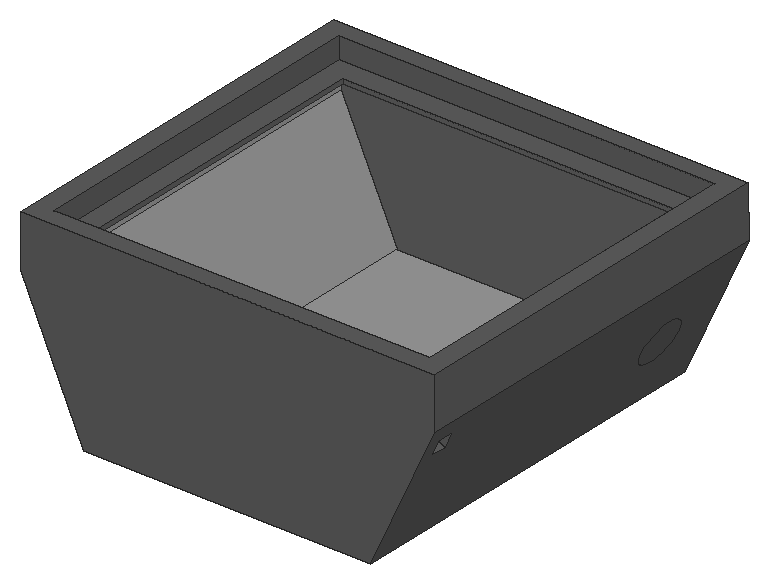
Revit family "HVAC_Fireplaces_Regency-Fireplace_Grandview-gas-fireplace_G800EC", category Specialty Equipment, host Face, Revit 2026
Family settings
  Host = Face
  Round Connector Dimension = Use Diameter
  Part Type = Normal
  Classification Number = 23.40.20.34.14
  Enable Cutting in Views = No
  Cut with Voids When Loaded = No
  Maintain Annotation Orientation = No
  Shared = No
  Room Calculation Point = No
Parameters (values of type "G800EC-LP")
  Width = 36"  # constant formula
  Voltage = 120 V
  Visible connector [instance] = 1 = 0  # no
  Version = 0
  Ventilation flow = 100.0 CFM  # constant formula
  URL = "https://www.regency-fire.com/en/default.aspx"
  Trim [instance] = [Nom Outside Finish w-Finishing Trim - Cool wall Installation]  # no
  Rear Vent [instance] = no
  Product data url = "https://www.bimobject.com/regency-fireplace-products/product/g800ec-gas-fireplace"
  Product Page URL = "https://www.regency-fire.com/en/Products/Gas/Traditional-Gas-Fireplaces/G800EC"
  Product Documentation Link = "https://assets.regency-fire.com/getattachment/a1508370-155b-498d-9b31-6fe43e8f6947/G800EC-English-Manual.aspx"
  Power Factor = 1
  Power Consumption = 0 W
  Pipe Diameter = 0.5"  # constant formula
  Outside finish [instance] = [Nom Outside Finish w-Finishing Trim - Cool wall Installation]  # no
  Outside Finish w-Finishing Trim - Cool wall Installation = Outside Finish w-Finishing Trim - Cool wall Installation : Outside Finish w-Finishing Trim - Cool wall Installation
  Outside Finish w-Faceplate - Non-Combustible Installation = Outside Finish w-Faceplate - Non-Combustible Installation : Outside Finish w-Faceplate - Non-Combustible Installation
  Orifce Size -Altitude 0-4500 ft = "# 53 DMS"
  Options of the finishes [instance] = Clean Front - Cool wall Installation : Clean Front - Cool wall Installation
  Option 3 [instance] = and(and(or([Nom Clean Front - Cool wall Installation], [Nom Outside Finish w-Finishing Trim - Cool wall Installation]), Frame cool wall), Nom Option = 3)  # no
  Option 2 [instance] = and(and(or([Nom Clean Front - Cool wall Installation], [Nom Outside Finish w-Finishing Trim - Cool wall Installation]), Frame cool wall), Nom Option = 2)  # no
  Option 1 [instance] = and(and(or([Nom Clean Front - Cool wall Installation], [Nom Outside Finish w-Finishing Trim - Cool wall Installation]), Frame cool wall), Nom Option = 1)  # no
  Offset fareplace [instance] = if(or([Nom Clean Front - Cool wall Installation], [Nom Clean Front - Non-Combustible Installation]), 1.25984", 0")  # 1.25984"
  Number of Poles = 1
  Not rear vent [instance] = not(Rear Vent)  # yes
  Nom Outside Finish w-Finishing Trim - Cool wall Installation [instance] = Options of the finishes = [Outside Finish w-Finishing Trim - Cool wall Installation]  # no
  Nom Outside Finish w-Faceplate - Non-Combustible Installation [instance] = Options of the finishes = [Outside Finish w-Faceplate - Non-Combustible Installation]  # no
  Nom Option [instance] = if(or([Installation options (ventilation openings)] < 1, [Installation options (ventilation openings)] = 1), 1, if(and([Installation options (ventilation openings)] > 1, [Installation options (ventilation openings)] < 3), [Installation options (ventilation openings)], if(or([Installation options (ventilation openings)] > 3, [Installation options (ventilation openings)] = 3), 3, 0)))  # 1
  Nom Clean Front - Non-Combustible Installation [instance] = Options of the finishes = [Clean Front - Non-Combustible Installation]  # no
  Nom Clean Front - Cool wall Installation [instance] = Options of the finishes = [Clean Front - Cool wall Installation]  # yes
  Nom Chase enclosure height [instance] = if(or(Chase enclosure height < 80", Chase enclosure height = 80"), 80", Chase enclosure height)  # 80"
  Model = "G800EC-LP"
  Minimum Supply Pressure = "11” W.C. (2.74 kPa)"
  Minimum Input Altitude 0-4500 ft. (0-1372m) = "21,000 Btu/h (6.15 kW)"
  Maximum Supply Pressure = "14” W.C. (3.48 kPa)"
  Maximum Input Altitude 0-4500 ft. (0-1372m) = "25,500 Btu/h (7.47 kW)"
  Manufacturer = "Regency Fireplace"  # constant formula
  Mantel leg clearance outside finish non cool wall [instance] = and(Mantel leg clearance, [Nom Outside Finish w-Faceplate - Non-Combustible Installation])  # no
  Mantel leg clearance cool wall [instance] = and(Mantel leg clearance, or([Nom Clean Front - Cool wall Installation], [Nom Outside Finish w-Finishing Trim - Cool wall Installation]))  # no
  Mantel leg clearance clean front non cool wall [instance] = and(Mantel leg clearance, [Nom Clean Front - Non-Combustible Installation])  # no
  Mantel leg clearance [instance] = no
  Mantel clearance outside finish non cool wall [instance] = and(Mantel clearance, [Nom Outside Finish w-Faceplate - Non-Combustible Installation])  # no
  Mantel clearance cool wall [instance] = and(Mantel clearance, or([Nom Clean Front - Cool wall Installation], [Nom Outside Finish w-Finishing Trim - Cool wall Installation]))  # no
  Mantel clearance clean front non cool wall [instance] = and(Mantel clearance, [Nom Clean Front - Non-Combustible Installation])  # no
  Mantel clearance [instance] = no
  Manifold Pressure - Low = "6.4” W.C. (1.60 kPa)"
  Manifold Pressure - High = "10” W.C. (2.49 kPa)"
  Intalllation options note [instance] = if([Installation options (ventilation openings)] = 1, "Option 1- Regency Chase Vent", if([Installation options (ventilation openings)] = 2, "Option 2 - Custom Chase Vent", if([Installation options (ventilation openings)] = 3, "Option 3 - Reveal at the Chase Top", "Enter value 1 to 3")))  # "Option 1- Regency Chase Vent"
  Installation options (ventilation openings) [instance] = 1
  Inner Panel Material [instance] = Regency Fireplace - Brick - Rustic Brown Herringbone
  IC W [instance] = if([Nom Clean Front - Cool wall Installation], 36.5", 37.5")  # 36.5"
  Housing Material = Regency Fireplace - Metal - Black
  Height = 34"  # constant formula
  Heat Wave Installation Note [instance] = "Only required in circumstances where the goal is to transfer some heat from the fireplace to an alternate interior room, please contact the manufacturer for details."  # constant formula
  Heat Wave Installation [instance] = yes
  Gas flow = 0.0 L/s
  Gas Connector Description = "Propane gas supply"
  Fuel Type = "Propane"
  Frequency = 60 Hz
  Installation clearance note [instance] = "Frame work only with cool wall installation"  # constant formula
  Frame cool wall [instance] = and(Installation clearance, or([Nom Clean Front - Cool wall Installation], [Nom Outside Finish w-Finishing Trim - Cool wall Installation]))  # no
  Installation clearance [instance] = no
  Firebed Material [instance] = Regency Fireplace - Wood - Birch Log Set Firebed
  Faceplate Material [instance] = Regency Fireplace - Metal - Four Sided Antique Copper
  Faceplate [instance] = [Nom Outside Finish w-Faceplate - Non-Combustible Installation]  # no
  Duct Diameter = 6.63"  # constant formula
  Duct Connector Description = "4” Inner / 6-5/8” Outer"  # constant formula
  Description = "Choose stunning flame picture, choose your accessories, and create a one-of-a-kind fireplace. The Regency Grandview G800EC is the first of our Grandview series of gas fireplaces that are designed to maximize choice and customization."  # constant formula
  Depth = 17"  # constant formula
  Default Elevation = 0"
  Date Updated = ""
  Date Created = ""
  Current = 1.5 A
  Connector [instance] = if(Heat Wave Installation, 3, 2)  # 3
  Clearance to Combustibles [instance] = no
  Chase enclosure height [instance] = 80"
  Clean front [instance] = or([Nom Clean Front - Cool wall Installation], [Nom Clean Front - Non-Combustible Installation], [Nom Outside Finish w-Faceplate - Non-Combustible Installation], [Nom Outside Finish w-Finishing Trim - Cool wall Installation])  # yes
  Clean Front - Non-Combustible Installation = Clean Front - Non-Combustible Installation : Clean Front - Non-Combustible Installation
  Clean Front - Cool wall Installation = Clean Front - Cool wall Installation : Clean Front - Cool wall Installation
  CSA P.4.1 = "57.74%"
  B [instance] = if(Rear Vent, 180.00°, 0.00°)  # 0.00°
  Apparent Load = Power Consumption / Power Factor  # 0 VA
  A [instance] = if(Rear Vent, 90.00°, 0.00°)  # 0.00°
Types (3): name | Orifce Size -Altitude 0-4500 ft | Model | Minimum Supply Pressure | Minimum Input Altitude 0-4500 ft. (0-1372m) | Maximum Input Altitude 0-4500 ft. (0-1372m) | Manifold Pressure - Low | Manifold Pressure - High | Gas Connector Description | Fuel Type | CSA P.4.1
  (no name) | "# 53 DMS" | "G800EC-LP" | "11” W.C. (2.74 kPa)" | "21,000 Btu/h (6.15 kW)" | "25,500 Btu/h (7.47 kW)" | "6.4” W.C. (1.60 kPa)" | "10” W.C. (2.49 kPa)" | "Propane gas supply" | "Propane" | "57.74%"
  G800EC-NG | "# 42 DMS" | "G800EC-NG" | "5” W.C. (1.25 kPa)" | "15,000 Btu/h (4.4kW)" | "27,000 Btu/h (7.91 kW)" | "1.1” W.C. (0.27 kPa)" | "3.8” W.C. (0.94 kPa)" | "Natural gas supply" | "Natural Gas" | "55.96%"
  G800EC-LP | "# 53 DMS" | "G800EC-LP" | "11” W.C. (2.74 kPa)" | "21,000 Btu/h (6.15 kW)" | "25,500 Btu/h (7.47 kW)" | "6.4” W.C. (1.60 kPa)" | "10” W.C. (2.49 kPa)" | "Propane gas supply" | "Propane" | "57.74%"
Reference planes (in)
  plane 1 "Center (Front/Back)": y = 0
  plane 2: z = 0
  plane 3 "Center (Left/Right)": x = 0
Forms (in)
  Extrusion 1, solid, material "Regency Fireplace - Metal - Black" <- "Housing Material"
    sketch origin (29.05979, 0, -1.25984) x (-1, 0, 0) y (0, 0, -1)
      loop
        line (11.08735, 0) -> (47.03223, 0) -> (47.03223, 4.52756) -> (41.50074, 16.65354) -> (16.61885, 16.65354) -> (11.08735, 4.52756) -> (11.08735, 0)
    from 0 to -33.93701
  Extrusion 2, void
    sketch origin (29.05979, 0, -1.25984) x (-1, 0, 0) y (0, 0, -1)
      loop
        line (12.78026, 0) -> (45.33932, 0) -> (45.33932, 4.15967) -> (40.41226, 14.96063) -> (17.70733, 14.96063) -> (12.78026, 4.15967) -> (12.78026, 0)
    from -32.38189 to -1.55512
  Extrusion 3, void
    sketch origin (16.27953, 0, -1.25984) x (0, 1, 0) y (1, 0, 0)
      loop
        line (1.55512, -32.55906) -> (32.38189, -32.55906) -> (32.38189, 0) -> (1.55512, 0) -> (1.55512, -32.55906)
    from 0 to -8.7696
  Extrusion 4, solid, material "Regency Fireplace - Metal - Silver"
    sketch origin (0, 33.93701, -17.91339) x (0, 0, 1) y (-1, 0, 0)
      loop
        circle (4.92126, 0) r 3.34646
    from 0 to -1.22047
  Extrusion 5, solid, material "Regency Fireplace - Metal - Silver"
    sketch origin (0, 35.15748, -17.91339) x (0, 0, -1) y (-1, 0, 0)
      loop
        circle (-4.92126, 0) r 2.04724
    from 0 to 1.22047
  Extrusion 6, solid, material "Regency Fireplace - Metal - Black" <- "Housing Material"
    sketch origin (17.97244, 0, -1.25984) x (-1, 0, 0) y (0, -1, 0)
      loop
        line (1.69291, -1.55512) -> (1.69291, -32.38189) -> (34.25197, -32.38189) -> (34.25197, -1.55512) -> (1.69291, -1.55512)
      loop
        line (3.66142, -3.52362) -> (3.66142, -30.41339) -> (32.28346, -30.41339) -> (32.28346, -3.52362) -> (3.66142, -3.52362)
    from -2.16535 to -1.77165
  Extrusion 7, solid, material "Regency Fireplace - Glass - Clear"
    sketch origin (17.97244, 0, -3.0315) x (-1, 0, 0) y (0, -1, 0)
      loop
        line (32.28346, -3.52362) -> (3.66142, -3.52362) -> (3.66142, -30.41339) -> (32.28346, -30.41339) -> (32.28346, -3.52362)
    from -0.3937 to 0
  Extrusion 8, solid, material "Regency Fireplace - Metal - Four Sided Antique Copper" <- "Faceplate Material", visible <- "Faceplate"
    sketch origin (0, 0, 0) x (1, 0, 0) y (0, 1, 0)
      loop
        line (-18.87795, 34.76378) -> (-18.87795, 0) -> (18.87795, 0) -> (18.87795, 34.76378) -> (-18.87795, 34.76378)
      loop
        line (-16.27953, 32.38189) -> (-16.27953, 1.55512) -> (16.27953, 1.55512) -> (16.27953, 32.38189) -> (-16.27953, 32.38189)
    from 0 to 0.7874
  Extrusion 9, solid, material "Regency Fireplace - Metal - Four Sided Black", visible <- "Trim"
    sketch origin (0, 0, 0) x (1, 0, 0) y (0, 1, 0)
      loop
        line (-18.75984, 0) -> (-18.07087, 0) -> (-18.07087, 33.95669) -> (18.07087, 33.95669) -> (18.07087, 0) -> (18.75984, 0) -> (18.75984, 34.64567) -> (-18.75984, 34.64567) -> (-18.75984, 0)
    from 0 to 0.7874
  Extrusion 10, solid, material "Regency Fireplace - Brick - Rustic Brown Herringbone" <- "Inner Panel Material", detail levels medium+fine
    sketch origin (29.05979, 1.55512, -1.25984) x (1, 0, 0) y (0, 0, -1)
      loop
        line (-17.70733, 14.96063) -> (-40.41226, 14.96063) -> (-45.33932, 4.15967) -> (-45.33932, 2.16535) -> (-12.78026, 2.16535) -> (-12.78026, 4.15967) -> (-17.70733, 14.96063)
    from 0 to 0.19685
  Extrusion 11, solid, material "Regency Fireplace - Brick - Rustic Brown Herringbone" <- "Inner Panel Material", detail levels medium+fine
    sketch origin (29.05979, 1.75197, -1.25984) x (1, 0, 0) y (0, 0, -1)
      loop
        line (-40.41226, 14.96063) -> (-45.33932, 4.15967) -> (-45.33932, 2.16535) -> (-45.14247, 2.16535) -> (-45.14247, 4.11689) -> (-40.28569, 14.76378) -> (-17.83389, 14.76378) -> (-12.97711, 4.11689) -> (-12.97711, 2.16535) -> (-12.78026, 2.16535) -> (-12.78026, 4.15967) -> (-17.70733, 14.96063) -> (-40.41226, 14.96063)
    from 0 to 30.62992
  Extrusion 12, solid, material "Regency Fireplace - Wood - Birch Log Set Firebed" <- "Firebed Material", detail levels medium+fine
    sketch origin (29.05979, 1.75197, -1.25984) x (1, 0, 0) y (0, 0, -1)
      loop
        line (-17.83389, 14.76378) -> (-40.28569, 14.76378) -> (-45.14247, 4.11689) -> (-45.14247, 2.16535) -> (-12.97711, 2.16535) -> (-12.97711, 4.11689) -> (-17.83389, 14.76378)
    from 0 to 0.19685
  Extrusion 13, void
    sketch origin (-17.97244, 0, -5.7874) x (0.415027, 0, -0.909809) y (0, -1, 0)
      loop
        line (1.53682, -3.0902) -> (4.48957, -3.0902) -> (4.48957, -1.5154) -> (1.53682, -1.5154) -> (1.53682, -3.0902)
    from -1.69291 to 0
  Extrusion 14, solid
    sketch origin (-16.43221, 0, -5.0848) x (0.415027, 0, -0.909809) y (0, -1, 0)
      loop
        circle (2.94259, -2.27553) r 0.25197
    from 0 to 0.62698
  Extrusion 15, void
    sketch origin (17.97244, 0, -5.7874) x (-0.415027, 0, -0.909809) y (0, 1, 0)
      loop
        line (1.48561, 1.14232) -> (3.06041, 1.14232) -> (3.06041, 2.71712) -> (1.48561, 2.71712) -> (1.48561, 1.14232)
    from -0.97301 to 0
  Extrusion 16, void
    sketch origin (29.05979, 0, -1.25984) x (-1, 0, 0) y (0, 0, -1)
      loop
        line (11.08735, 0) -> (47.03223, 0) -> (47.03223, 16.65354) -> (11.08735, 16.65354) -> (11.08735, 0)
    from 0 to -33.93701
  Extrusion 17, void
    sketch origin (29.05979, 33.93701, -1.25984) x (-1, 0, 0) y (0, 0, -1)
      loop
        line (11.08735, 16.65354) -> (11.08735, 5.44363) -> (47.03223, 5.44363) -> (47.03223, 16.65354) -> (11.08735, 16.65354)
    from 0 to -8.76878
  Extrusion 18, solid, material "Regency Fireplace - Clearance", visible <- "Clearance to Combustibles"
    sketch origin (0, 0, 0) x (1, 0, 0) y (0, 1, 0)
      loop
        line (-42.00787, 0) -> (42.00787, 0) -> (42.00787, 80) -> (-42.00787, 80) -> (-42.00787, 0)
    from 0 to 35.98425
  Extrusion 19, solid, material "Regency Fireplace - Clearance", visible <- "Mantel clearance cool wall"
    sketch origin (0, 0, 0) x (0, 1, 0) y (0, 0, 1)
      loop
        line (32.38189, 0) -> (32.38189, 2) -> (37.38189, 7) -> (58.08493, 35.98425) -> (0, 35.98425) -> (0, 0) -> (32.38189, 0)
    from -16.27953 to 16.27953
  Extrusion 20, solid, material "Regency Fireplace - Clearance", visible <- "Mantel leg clearance cool wall"
    sketch origin (0, 0, 0) x (1, 0, 0) y (0, 0, 1)
      loop
        line (-16.27953, 0) -> (16.27953, 0) -> (16.27953, 2) -> (18.02953, 3) -> (22.27953, 5) -> (42.00787, 5) -> (42.00787, 35.98425) -> (-42.00787, 35.98425) -> (-42.00787, 5) -> (-22.27953, 5) -> (-18.02953, 3) -> (-16.27953, 2) -> (-16.27953, 0)
    from 0 to -80
  Extrusion 21, solid, material "Regency Fireplace - Clearance", visible <- "Frame cool wall"
    sketch origin (0, 0, 0) x (1, 0, 0) y (0, 0, 1)
      loop
        line (18.25, 0) -> (-18.25, 0) -> (-18.25, -16.88) -> (18.25, -16.88) -> (18.25, 0)
    from 0 to -80
  Extrusion 22, solid, material "Regency Fireplace - Clearance", visible <- "Option 3"
    sketch origin (0, 80, 0) x (-1, 0, 0) y (0, 0, 1)
      loop
        line (-18.25, -16.88) -> (18.25, -16.88) -> (18.25, 0) -> (-18.25, 0) -> (-18.25, -16.88)
    from 0 to -2
  Extrusion 23, solid, material "Regency Fireplace - Clearance", visible <- "Mantel clearance clean front non cool wall"
    sketch origin (0, 0, 0) x (0, 1, 0) y (0, 0, 1)
      loop
        line (0, 0) -> (43.87795, 0) -> (43.87795, 7) -> (47.63189, 12) -> (65.63896, 35.98425) -> (0, 35.98425) -> (0, 0)
    from -16.27953 to 16.27953
  Extrusion 24, solid, material "Regency Fireplace - Clearance", visible <- "Mantel leg clearance clean front non cool wall"
    sketch origin (0, 0, 0) x (1, 0, 0) y (0, 0, 1)
      loop
        line (-16.27953, 0) -> (16.27953, 0) -> (16.27953, 2) -> (20.52953, 3.5) -> (23.15453, 6) -> (42.00787, 6) -> (42.00787, 35.98425) -> (-42.00787, 35.98425) -> (-42.00787, 6) -> (-23.15453, 6) -> (-20.52953, 3.5) -> (-16.27953, 2) -> (-16.27953, 0)
    from 0 to -80
  Extrusion 25, solid, material "Regency Fireplace - Clearance", visible <- "Mantel clearance outside finish non cool wall"
    sketch origin (0, 0, 0) x (0, 1, 0) y (0, 0, 1)
      loop
        line (0, 0) -> (42.38189, 0) -> (42.38189, 1) -> (47.38189, 7) -> (70.56929, 35.98425) -> (0, 35.98425) -> (0, 0)
    from -16.27953 to 16.27953
  Extrusion 26, solid, material "Regency Fireplace - Clearance", visible <- "Mantel leg clearance outside finish non cool wall"
    sketch origin (0, 0, 0) x (1, 0, 0) y (0, 0, 1)
      loop
        line (-22.22244, 0) -> (22.22244, 0) -> (22.22244, 2) -> (24.84744, 3) -> (42.00787, 3) -> (42.00787, 35.98425) -> (-42.00787, 35.98425) -> (-42.00787, 3) -> (-24.84744, 3) -> (-22.22244, 2) -> (-22.22244, 0)
    from 0 to -80
  Extrusion 27, solid, material "Regency Fireplace - Metal - Black" <- "Housing Material", visible <- "Heat Wave Installation"
    sketch origin (17.97244, 0, -5.7874) x (-0.415027, 0, -0.909809) y (0, 1, 0)
      loop
        circle (6.80968, 27.86325) r 2.04724
    from -0.19685 to 0
  Extrusion 28, solid, material "Regency Fireplace - Metal - Black" <- "Housing Material", visible <- "Heat Wave Installation"
    sketch origin (-17.97244, 0, -5.7874) x (0.415027, 0, -0.909809) y (0, -1, 0)
      loop
        circle (6.81092, -27.86502) r 2.04724
    from 0 to -0.19685
Cuts and joins
  Extrusion 2, Extrusion 13, Extrusion 15 cuts Extrusion 1
Lines and regions (in)
  Masking region 1
    outline origin (29.05979, 0, -1.25984) x (-1, 0, 0) y (0, 0, -1)
      loop
        line (11.08735, 4.52756) -> (11.08735, 0) -> (47.03223, 0) -> (47.03223, 4.52756) -> (41.50074, 16.65354) -> (16.61885, 16.65354) -> (11.08735, 4.52756)
  Masking region 2, visible <- "Faceplate"
    outline origin (0, 0, 0) x (1, 0, 0) y (0, 0, 1)
      loop
        line (18.87795, 0.7874) -> (-18.87795, 0.7874) -> (-18.87795, 0) -> (18.87795, 0) -> (18.87795, 0.7874)
  Masking region 3, visible <- "Trim"
    outline origin (0, 0, 0) x (1, 0, 0) y (0, 0, 1)
      loop
        line (-18.75984, 0.7874) -> (-18.75984, 0) -> (18.75984, 0) -> (18.75984, 0.7874) -> (-18.75984, 0.7874)
  Masking region 4, visible <- "Not rear vent"
    outline origin (29.05979, 0, -1.25984) x (-1, 0, 0) y (0, 0, -1)
      loop
        circle (29.05979, 11.73228) r 3.34646
  Masking region 5, visible <- "Not rear vent"
    outline origin (29.05979, 0, -1.25984) x (-1, 0, 0) y (0, 0, -1)
      loop
        circle (29.05979, 11.73228) r 2.04724
  Masking region 6, visible <- "Faceplate"
    outline origin (0, 0, 0) x (1, 0, 0) y (0, 1, 0)
      loop
        line (-18.87795, 34.76378) -> (-18.87795, 0) -> (18.87795, 0) -> (18.87795, 34.76378) -> (-18.87795, 34.76378)
      loop
        line (-16.27953, 32.38189) -> (-16.27953, 1.55512) -> (16.27953, 1.55512) -> (16.27953, 32.38189) -> (-16.27953, 32.38189)
  Masking region 7, visible <- "Clean front"
    outline origin (0, 0, 0) x (1, 0, 0) y (0, 1, 0)
      loop
        line (-16.27953, 32.38189) -> (-16.27953, 1.55512) -> (16.27953, 1.55512) -> (16.27953, 32.38189) -> (-16.27953, 32.38189)
  Masking region 8, visible <- "Trim"
    outline origin (0, 0, 0) x (1, 0, 0) y (0, 1, 0)
      loop
        line (-18.07087, 0) -> (-18.07087, 33.95669) -> (18.07087, 33.95669) -> (18.07087, 0) -> (18.75984, 0) -> (18.75984, 34.64567) -> (-18.75984, 34.64567) -> (-18.75984, 0) -> (-18.07087, 0)
  Masking region 9, visible <- "Outside finish"
    outline origin (0, 0, 0) x (1, 0, 0) y (0, 1, 0)
      loop
        line (-17.97244, 33.93701) -> (-17.97244, 0) -> (17.97244, 0) -> (17.97244, 33.93701) -> (-17.97244, 33.93701)
  Masking region 10, visible <- "Clearance to Combustibles"
    outline origin (0, 0, 0) x (1, 0, 0) y (0, 1, 0)
      loop
        line (-42.00787, 80) -> (-42.00787, 0) -> (42.00787, 0) -> (42.00787, 80) -> (-42.00787, 80)
  Masking region 11, visible <- "Clearance to Combustibles"
    outline origin (0, 0, 0) x (1, 0, 0) y (0, 0, 1)
      loop
        line (42.00787, 35.98425) -> (-42.00787, 35.98425) -> (-42.00787, 0) -> (42.00787, 0) -> (42.00787, 35.98425)
  Masking region 12, visible <- "Mantel clearance cool wall"
    outline origin (0, 0, 0) x (1, 0, 0) y (0, 1, 0)
      loop
        line (-16.27953, 58.08493) -> (-16.27953, 0) -> (16.27953, 0) -> (16.27953, 58.08493) -> (-16.27953, 58.08493)
  Masking region 13, visible <- "Mantel clearance cool wall"
    outline origin (0, 0, 0) x (1, 0, 0) y (0, 0, 1)
      loop
        line (16.27953, 35.98425) -> (-16.27953, 35.98425) -> (-16.27953, 0) -> (16.27953, 0) -> (16.27953, 35.98425)
  Masking region 14, visible <- "Mantel leg clearance cool wall"
    outline origin (0, 0, 0) x (1, 0, 0) y (0, 1, 0)
      loop
        line (-42.00787, 80) -> (-42.00787, 0) -> (42.00787, 0) -> (42.00787, 80) -> (-42.00787, 80)
  Masking region 15, visible <- "Mantel leg clearance cool wall"
    outline origin (0, 0, 0) x (1, 0, 0) y (0, 0, 1)
      loop
        line (42.00787, 5) -> (42.00787, 35.98425) -> (-42.00787, 35.98425) -> (-42.00787, 5) -> (-22.27953, 5) -> (-18.02953, 3) -> (-16.27953, 2) -> (-16.27953, 0) -> (16.27953, 0) -> (16.27953, 2) -> (18.02953, 3) -> (22.27953, 5) -> (42.00787, 5)
  Masking region 16, visible <- "Rear Vent"
    outline origin (29.05979, 0, -1.25984) x (-1, 0, 0) y (0, 0, -1)
      loop
        line (25.71333, 16.65354) -> (32.40625, 16.65354) -> (32.40625, 17.87402) -> (31.10704, 17.87402) -> (31.10704, 19.09449) -> (27.01255, 19.09449) -> (27.01255, 17.87402) -> (25.71333, 17.87402) -> (25.71333, 16.65354)
  Masking region 17, visible <- "Mantel clearance clean front non cool wall"
    outline origin (0, 0, 0) x (1, 0, 0) y (0, 1, 0)
      loop
        line (-16.27953, 65.63896) -> (-16.27953, 0) -> (16.27953, 0) -> (16.27953, 65.63896) -> (-16.27953, 65.63896)
  Masking region 18, visible <- "Mantel clearance clean front non cool wall"
    outline origin (0, 0, 0) x (1, 0, 0) y (0, 0, 1)
      loop
        line (16.27953, 35.98425) -> (-16.27953, 35.98425) -> (-16.27953, 0) -> (16.27953, 0) -> (16.27953, 35.98425)
  Masking region 19, visible <- "Mantel leg clearance clean front non cool wall"
    outline origin (0, 0, 0) x (1, 0, 0) y (0, 1, 0)
      loop
        line (-42.00787, 80) -> (-42.00787, 0) -> (42.00787, 0) -> (42.00787, 80) -> (-42.00787, 80)
  Masking region 20, visible <- "Mantel leg clearance clean front non cool wall"
    outline origin (0, 0, 0) x (1, 0, 0) y (0, 0, 1)
      loop
        line (42.00787, 35.98425) -> (-42.00787, 35.98425) -> (-42.00787, 6) -> (-23.15453, 6) -> (-20.52953, 3.5) -> (-16.27953, 2) -> (-16.27953, 0) -> (16.27953, 0) -> (16.27953, 2) -> (20.52953, 3.5) -> (23.15453, 6) -> (42.00787, 6) -> (42.00787, 35.98425)
  Masking region 21, visible <- "Mantel clearance outside finish non cool wall"
    outline origin (0, 0, 0) x (1, 0, 0) y (0, 1, 0)
      loop
        line (-16.27953, 70.56929) -> (-16.27953, 0) -> (16.27953, 0) -> (16.27953, 70.56929) -> (-16.27953, 70.56929)
  Masking region 22, visible <- "Mantel clearance outside finish non cool wall"
    outline origin (0, 0, 0) x (1, 0, 0) y (0, 0, 1)
      loop
        line (16.27953, 35.98425) -> (-16.27953, 35.98425) -> (-16.27953, 0) -> (16.27953, 0) -> (16.27953, 35.98425)
  Masking region 23, visible <- "Mantel leg clearance outside finish non cool wall"
    outline origin (0, 0, 0) x (1, 0, 0) y (0, 1, 0)
      loop
        line (-42.00787, 80) -> (-42.00787, 0) -> (42.00787, 0) -> (42.00787, 80) -> (-42.00787, 80)
  Masking region 24, visible <- "Mantel leg clearance outside finish non cool wall"
    outline origin (0, 0, 0) x (1, 0, 0) y (0, 0, 1)
      loop
        line (42.00787, 3) -> (42.00787, 35.98425) -> (-42.00787, 35.98425) -> (-42.00787, 3) -> (-24.84744, 3) -> (-22.22244, 2) -> (-22.22244, 0) -> (22.22244, 0) -> (22.22244, 2) -> (24.84744, 3) -> (42.00787, 3)
  reference lines
    curve 1: line (29.05979, 0, -1.25984) -> (-18.9717, 0, -1.25984)
    curve 2: line (0, 33.93701, -17.91339) -> (0, 22.91339, -17.91339)
    curve 3: line (0, 33.93701, -21.06299) -> (0, 33.93701, -9.25197)
    curve 4: line (0, 32.3622, -17.91339) -> (0, 39.64567, -17.91339)
    curve 5: line (0, 33.93701, -17.91339) -> (0, 33.93701, -11.02362)
    curve 6: line (0, 33.93701, -17.91339) -> (0, 33.93701, -9.64567)
    curve 7: line (-31.10224, 80, 0) -> (79.13398, 80, 0)
    curve 8: line (-48.53671, 75, 0) -> (53.8255, 75, 0)
  model lines, style "Clearance", visible <- "Option 1"
    curve 9: line (-7.25, 75, 0) -> (7.25, 75, 0)
    curve 10: line (-7.25, 75, 0) -> (-7.25, 79, 0)
    curve 11: line (-7.25, 79, 0) -> (7.25, 79, 0)
    curve 12: line (7.25, 79, 0) -> (7.25, 75, 0)
  model lines, style "Clearance", visible <- "Option 2"
    curve 13: line (-14.5, 75, 0) -> (14.5, 75, 0)
    curve 14: line (-14.5, 75, 0) -> (-14.5, 77, 0)
    curve 15: line (-14.5, 77, 0) -> (14.5, 77, 0)
    curve 16: line (14.5, 77, 0) -> (14.5, 75, 0)
Dimensions and locks (in)
  "Offset fareplace": curve 1 to plane 2
  "Nom Chase enclosure height": plane 1 "Center (Front/Back)" to curve 7
  locked: curve 8 to curve 7 at 5
  equal spacing: group 1, group 3, group 2  (x2)
  equal spacing: group 2, group 3, group 1
  equal spacing: group 5, group 6, group 4  (x2)
  equal spacing: group 4, group 6, group 5
  equal spacing: Extrusion 21 sketch curve, plane 3 "Center (Left/Right)", Extrusion 21 sketch curve
  "IC W": Extrusion 21 sketch curve to Extrusion 21 sketch curve
  "A": angle curve 3 to curve 5
  "B": angle curve 5 to curve 6
  aligned and locked: plane 2 to host face
  aligned and locked: level to host face
  aligned and locked: curve 3 to curve 5
  aligned and locked: curve 4 to curve 5
  aligned and locked: curve 6 to curve 5
  aligned and locked: Extrusion 18 to curve 7
  aligned and locked: Masking region 10 sketch curve to curve 7
  aligned and locked: Extrusion 20 to curve 7
  aligned and locked: Masking region 14 sketch curve to curve 7
  aligned and locked: Extrusion 21 to curve 7
  aligned and locked: Extrusion 24 to curve 7
  aligned and locked: Masking region 19 sketch curve to curve 7
  aligned and locked: Extrusion 26 to curve 7
  aligned and locked: Masking region 23 sketch curve to curve 7
Automatic sketch dimensions
  host sketch curve to host sketch curve = 96"  (x2)
  Extrusion 1 sketch curve to curve 1 = 0"
  curve 1 to Extrusion 1 sketch curve = 11.08735"
  Extrusion 1 sketch curve to Extrusion 1 sketch curve = 5.5315"
  Extrusion 1 sketch curve to curve 1 = 6.53076"
  curve 1 to Extrusion 1 sketch curve = 4.52756"
  Extrusion 1 sketch curve to Extrusion 1 sketch curve = 4.52756"
  Extrusion 1 sketch curve to Extrusion 1 sketch curve = 12.12598"
  Extrusion 1 sketch curve to curve 1 = 0.99926"
  Extrusion 2 sketch curve to curve 1 = 0"
  curve 1 to Extrusion 2 sketch curve = 12.78026"
  Extrusion 2 sketch curve to Extrusion 2 sketch curve = 4.92706"
  Extrusion 2 sketch curve to curve 1 = 7.61924"
  Extrusion 2 sketch curve to curve 1 = 2.69218"
  Extrusion 2 sketch curve to curve 1 = 4.15967"
  Extrusion 2 sketch curve to Extrusion 2 sketch curve = 10.80096"
  curve 1 to Extrusion 2 sketch curve = 4.15967"
  Extrusion 3 sketch curve to Extrusion 2 = 0"  (x4)
  curve 2 to curve 2 = 11.02362"
  curve 4 to curve 2 = 0"
  curve 3 to curve 2 = 0"
  curve 3 to curve 2 = 3.14961"
  curve 2 to curve 3 = 8.66142"
  curve 4 to curve 2 = 5.70866"
  curve 2 to curve 4 = 1.5748"
  Extrusion 4 sketch curve to curve 6 = 3.34646"
  curve 6 to Extrusion 4 sketch curve = 0"
  Extrusion 6 sketch curve to Extrusion 1 = 1.69291"  (x2)
  Extrusion 1 to Extrusion 6 sketch curve = 1.55512"  (x2)
  Extrusion 6 sketch curve to Extrusion 6 sketch curve = 1.9685"  (x4)
  Extrusion 7 sketch curve to Extrusion 6 = 0"  (x4)
  Extrusion 10 sketch curve to Extrusion 2 = 2.16535"
  Extrusion 2 to Extrusion 10 sketch curve = 0"  (x2)
  Extrusion 10 sketch curve to Extrusion 2 = 0"  (x5)
  Extrusion 10 to Extrusion 11 sketch curve = 0"
  Extrusion 11 sketch curve to Extrusion 10 = 0"  (x8)
  Extrusion 11 sketch curve to Extrusion 10 = 0.19685"  (x3)
  Extrusion 11 sketch curve to Extrusion 11 sketch curve = 0.12657"  (x2)
  Extrusion 11 sketch curve to Extrusion 11 sketch curve = 0.04278"  (x2)
  Extrusion 12 sketch curve to Extrusion 10 = 0.19685"  (x3)
  Extrusion 12 sketch curve to Extrusion 10 = 5.05363"  (x2)
  Extrusion 12 sketch curve to Extrusion 10 = 1.95153"  (x2)
  Extrusion 12 sketch curve to Extrusion 10 = 0"
  Extrusion 1 to Extrusion 13 sketch curve = 1.53682"
  Extrusion 13 sketch curve to Extrusion 13 sketch curve = 2.95276"
  Extrusion 1 to Extrusion 13 sketch curve = 3.0902"
  Extrusion 1 to Extrusion 13 sketch curve = 1.5154"
  Extrusion 14 sketch curve to Extrusion 13 = 1.40577"
  Extrusion 14 sketch curve to Extrusion 13 = 0.76013"
  Extrusion 15 sketch curve to Extrusion 1 = 1.48561"
  Extrusion 15 sketch curve to Extrusion 15 sketch curve = 1.5748"  (x2)
  Extrusion 1 to Extrusion 15 sketch curve = 1.14232"
  Extrusion 16 sketch curve to curve 1 = 0"
  curve 1 to Extrusion 16 sketch curve = 11.08735"
  Extrusion 16 sketch curve to curve 1 = 0.99926"
  curve 1 to Extrusion 16 sketch curve = 16.65354"
  Extrusion 17 sketch curve to Extrusion 16 = 0"  (x2)
  Extrusion 16 to Extrusion 17 sketch curve = 0"
  Extrusion 17 sketch curve to Extrusion 16 = 5.44363"
  Masking region 1 sketch curve to curve 1 = 0"
  Masking region 1 sketch curve to curve 1 = 4.52756"
  curve 1 to Masking region 1 sketch curve = 11.08735"
  Masking region 1 sketch curve to Masking region 1 sketch curve = 5.5315"
  Masking region 1 sketch curve to curve 1 = 6.53076"
  Masking region 1 sketch curve to curve 1 = 0.99926"
  curve 1 to Masking region 1 sketch curve = 4.52756"
  Masking region 1 sketch curve to Masking region 1 sketch curve = 12.12598"
  Masking region 2 sketch curve to level = 0"
  level to Masking region 2 sketch curve = 0.7874"
  Masking region 2 sketch curve to plane 3 "Center (Left/Right)" = 18.87795"
  plane 3 "Center (Left/Right)" to Masking region 2 sketch curve = 18.87795"
  Masking region 3 sketch curve to level = 0"
  Masking region 3 sketch curve to plane 3 "Center (Left/Right)" = 18.75984"
  plane 3 "Center (Left/Right)" to Masking region 3 sketch curve = 18.75984"
  Masking region 3 sketch curve to Masking region 3 sketch curve = 0.7874"
  Masking region 4 sketch curve to Masking region 4 sketch curve = 0"  (x2)
  Masking region 4 sketch curve to curve 1 = 18.9717"
  Masking region 4 sketch curve to curve 1 = 11.73228"
  Masking region 4 sketch curve to Masking region 4 sketch curve = 3.34646"
  Masking region 5 sketch curve to Masking region 5 sketch curve = 0"  (x2)
  Masking region 5 sketch curve to curve 1 = 18.9717"
  Masking region 5 sketch curve to curve 1 = 11.73228"
  Masking region 5 sketch curve to Masking region 5 sketch curve = 2.04724"
  Masking region 11 sketch curve to level = 0"
  Masking region 11 sketch curve to plane 3 "Center (Left/Right)" = 42.00787"
  plane 3 "Center (Left/Right)" to Masking region 11 sketch curve = 42.00787"
  level to Masking region 11 sketch curve = 35.98425"
  Masking region 13 sketch curve to plane 3 "Center (Left/Right)" = 16.27953"
  level to Masking region 13 sketch curve = 0"
  plane 3 "Center (Left/Right)" to Masking region 13 sketch curve = 16.27953"
  Masking region 13 sketch curve to Masking region 13 sketch curve = 35.98425"
  level to Extrusion 20 sketch curve = 5"  (x2)
  Extrusion 20 sketch curve to plane 3 "Center (Left/Right)" = 42.00787"
  Extrusion 20 sketch curve to Extrusion 20 sketch curve = 19.72835"  (x2)
  level to Extrusion 20 sketch curve = 3"  (x2)
  Extrusion 20 sketch curve to Extrusion 20 sketch curve = 4.25"  (x2)
  Extrusion 20 sketch curve to Extrusion 20 sketch curve = 1.75"  (x2)
  level to Extrusion 20 sketch curve = 2"
  plane 3 "Center (Left/Right)" to Extrusion 20 sketch curve = 16.27953"
  Extrusion 20 sketch curve to Extrusion 20 sketch curve = 2"
  Extrusion 20 sketch curve to Extrusion 20 sketch curve = 30.98425"
  Extrusion 20 sketch curve to level = 0"
  Masking region 15 sketch curve to level = 0"
  Masking region 15 sketch curve to plane 3 "Center (Left/Right)" = 42.00787"
  level to Masking region 15 sketch curve = 5"  (x2)
  Masking region 15 sketch curve to Masking region 15 sketch curve = 19.72835"  (x2)
  level to Masking region 15 sketch curve = 3"  (x2)
  Masking region 15 sketch curve to Masking region 15 sketch curve = 4.25"  (x2)
  Masking region 15 sketch curve to Masking region 15 sketch curve = 1.75"  (x2)
  plane 3 "Center (Left/Right)" to Masking region 15 sketch curve = 16.27953"
  Masking region 15 sketch curve to Masking region 15 sketch curve = 2"  (x2)
  Masking region 15 sketch curve to Masking region 15 sketch curve = 30.98425"
  Masking region 16 sketch curve to curve 1 = 22.31816"
  Masking region 16 sketch curve to Masking region 16 sketch curve = 1.29921"  (x2)
  Masking region 16 sketch curve to Masking region 16 sketch curve = 4.09449"
  Masking region 16 sketch curve to curve 1 = 16.65354"
  Masking region 16 sketch curve to Masking region 16 sketch curve = 1.22047"  (x3)
  curve 8 to curve 14 = 0"
  curve 8 to curve 10 = 0"
  curve 15 to curve 8 = 2"
  curve 8 to curve 15 = 34.03671"
  curve 14 to curve 11 = 7.25"
  curve 9 to curve 9 = 14.5"
  curve 11 to curve 8 = 4"
  curve 11 to curve 15 = 7.25"
  Masking region 18 sketch curve to level = 0"
  Masking region 18 sketch curve to plane 3 "Center (Left/Right)" = 16.27953"
  plane 3 "Center (Left/Right)" to Masking region 18 sketch curve = 16.27953"
  level to Masking region 18 sketch curve = 35.98425"
  Extrusion 24 sketch curve to level = 0"
  Extrusion 24 sketch curve to plane 3 "Center (Left/Right)" = 42.00787"
  level to Extrusion 24 sketch curve = 6"  (x2)
  Extrusion 24 sketch curve to Extrusion 24 sketch curve = 18.85335"  (x2)
  level to Extrusion 24 sketch curve = 3.5"  (x2)
  Extrusion 24 sketch curve to Extrusion 24 sketch curve = 2.625"  (x2)
  level to Extrusion 24 sketch curve = 2"
  Extrusion 24 sketch curve to Extrusion 24 sketch curve = 4.25"  (x2)
  plane 3 "Center (Left/Right)" to Extrusion 24 sketch curve = 16.27953"
  Extrusion 24 sketch curve to Extrusion 24 sketch curve = 29.98425"
  Extrusion 24 sketch curve to Extrusion 24 sketch curve = 2"
  Masking region 20 sketch curve to level = 0"
  Masking region 20 sketch curve to plane 3 "Center (Left/Right)" = 42.00787"
  level to Masking region 20 sketch curve = 6"  (x2)
  Masking region 20 sketch curve to Masking region 20 sketch curve = 18.85335"  (x2)
  level to Masking region 20 sketch curve = 3.5"  (x2)
  Masking region 20 sketch curve to Masking region 20 sketch curve = 2.625"  (x2)
  level to Masking region 20 sketch curve = 2"
  Masking region 20 sketch curve to Masking region 20 sketch curve = 4.25"  (x2)
  plane 3 "Center (Left/Right)" to Masking region 20 sketch curve = 16.27953"
  Masking region 20 sketch curve to Masking region 20 sketch curve = 2"
  Masking region 20 sketch curve to Masking region 20 sketch curve = 29.98425"
  Masking region 22 sketch curve to level = 0"
  Masking region 22 sketch curve to plane 3 "Center (Left/Right)" = 16.27953"
  plane 3 "Center (Left/Right)" to Masking region 22 sketch curve = 16.27953"
  level to Masking region 22 sketch curve = 35.98425"
  Extrusion 26 sketch curve to level = 0"
  Extrusion 26 sketch curve to plane 3 "Center (Left/Right)" = 42.00787"
  level to Extrusion 26 sketch curve = 3"
  Extrusion 26 sketch curve to Extrusion 26 sketch curve = 17.16043"  (x2)
  level to Extrusion 26 sketch curve = 2"
  Extrusion 26 sketch curve to Extrusion 26 sketch curve = 2.625"  (x2)
  plane 3 "Center (Left/Right)" to Extrusion 26 sketch curve = 22.22244"
  Extrusion 26 sketch curve to Extrusion 26 sketch curve = 2"
  Extrusion 26 sketch curve to Extrusion 26 sketch curve = 1"
  Extrusion 26 sketch curve to Extrusion 26 sketch curve = 32.98425"
  Masking region 24 sketch curve to level = 0"
  Masking region 24 sketch curve to plane 3 "Center (Left/Right)" = 42.00787"
  level to Masking region 24 sketch curve = 3"  (x2)
  Masking region 24 sketch curve to Masking region 24 sketch curve = 17.16043"  (x2)
  Masking region 24 sketch curve to Masking region 24 sketch curve = 2.625"  (x2)
  plane 3 "Center (Left/Right)" to Masking region 24 sketch curve = 22.22244"
  Masking region 24 sketch curve to Masking region 24 sketch curve = 2"  (x2)
  Masking region 24 sketch curve to Masking region 24 sketch curve = 32.98425"
  Extrusion 1 to Extrusion 27 sketch curve = 6.51837"
  Extrusion 1 to Extrusion 27 sketch curve = 6.07376"
  Extrusion 1 to Extrusion 28 sketch curve = 6.81092"
  Extrusion 1 to Extrusion 28 sketch curve = 6.07199"
  plane 1 "Center (Front/Back)" to Extrusion 8 sketch curve = 0"
  Extrusion 8 sketch curve to plane 3 "Center (Left/Right)" = 18.87795"
  Extrusion 8 sketch curve to Extrusion 8 sketch curve = 2.59843"  (x2)
  plane 3 "Center (Left/Right)" to Extrusion 8 sketch curve = 16.27953"
  Extrusion 8 sketch curve to plane 1 "Center (Front/Back)" = 1.55512"
  Extrusion 8 sketch curve to Extrusion 8 sketch curve = 30.82677"
  Extrusion 8 sketch curve to Extrusion 8 sketch curve = 2.38189"
  plane 1 "Center (Front/Back)" to Extrusion 9 sketch curve = 0"  (x2)
  Extrusion 9 sketch curve to plane 3 "Center (Left/Right)" = 18.75984"
  Extrusion 9 sketch curve to Extrusion 9 sketch curve = 0.68898"  (x3)
  plane 3 "Center (Left/Right)" to Extrusion 9 sketch curve = 18.07087"
  Extrusion 9 sketch curve to plane 1 "Center (Front/Back)" = 33.95669"
  plane 1 "Center (Front/Back)" to Masking region 6 sketch curve = 0"
  Masking region 6 sketch curve to plane 3 "Center (Left/Right)" = 18.87795"
  Masking region 6 sketch curve to Masking region 6 sketch curve = 2.59843"  (x2)
  plane 3 "Center (Left/Right)" to Masking region 6 sketch curve = 16.27953"
  Masking region 6 sketch curve to plane 1 "Center (Front/Back)" = 1.55512"
  Masking region 6 sketch curve to Masking region 6 sketch curve = 30.82677"
  Masking region 6 sketch curve to Masking region 6 sketch curve = 2.38189"
  Masking region 7 sketch curve to plane 1 "Center (Front/Back)" = 1.55512"
  Masking region 7 sketch curve to plane 3 "Center (Left/Right)" = 16.27953"
  plane 3 "Center (Left/Right)" to Masking region 7 sketch curve = 16.27953"
  Masking region 7 sketch curve to Masking region 7 sketch curve = 30.82677"
  plane 1 "Center (Front/Back)" to Masking region 8 sketch curve = 0"  (x2)
  Masking region 8 sketch curve to plane 3 "Center (Left/Right)" = 18.75984"
  Masking region 8 sketch curve to Masking region 8 sketch curve = 0.68898"  (x3)
  plane 3 "Center (Left/Right)" to Masking region 8 sketch curve = 18.07087"
  Masking region 8 sketch curve to plane 1 "Center (Front/Back)" = 33.95669"
  plane 1 "Center (Front/Back)" to Masking region 9 sketch curve = 0"
  Masking region 9 sketch curve to plane 3 "Center (Left/Right)" = 17.97244"
  plane 3 "Center (Left/Right)" to Masking region 9 sketch curve = 17.97244"
  Masking region 9 sketch curve to plane 1 "Center (Front/Back)" = 33.93701"
  plane 1 "Center (Front/Back)" to Extrusion 18 sketch curve = 0"
  Extrusion 18 sketch curve to plane 3 "Center (Left/Right)" = 42.00787"
  plane 3 "Center (Left/Right)" to Extrusion 18 sketch curve = 42.00787"
  Extrusion 18 sketch curve to plane 1 "Center (Front/Back)" = 80"
  plane 1 "Center (Front/Back)" to Masking region 10 sketch curve = 0"
  Masking region 10 sketch curve to plane 3 "Center (Left/Right)" = 42.00787"
  plane 3 "Center (Left/Right)" to Masking region 10 sketch curve = 42.00787"
  Extrusion 19 sketch curve to plane 1 "Center (Front/Back)" = 0"
  Extrusion 19 sketch curve to level = 0"
  level to Extrusion 19 sketch curve = 2"
  Extrusion 19 sketch curve to plane 1 "Center (Front/Back)" = 32.38189"
  level to Extrusion 19 sketch curve = 7"
  Extrusion 19 sketch curve to Extrusion 19 sketch curve = 5"
  Extrusion 19 sketch curve to Extrusion 19 sketch curve = 20.70304"
  Extrusion 19 sketch curve to Extrusion 19 sketch curve = 35.98425"
  plane 1 "Center (Front/Back)" to Masking region 12 sketch curve = 0"
  Masking region 12 sketch curve to plane 3 "Center (Left/Right)" = 16.27953"
  plane 3 "Center (Left/Right)" to Masking region 12 sketch curve = 16.27953"
  Masking region 12 sketch curve to plane 1 "Center (Front/Back)" = 58.08493"
  plane 1 "Center (Front/Back)" to Masking region 14 sketch curve = 0"
  Masking region 14 sketch curve to plane 3 "Center (Left/Right)" = 42.00787"
  plane 3 "Center (Left/Right)" to Masking region 14 sketch curve = 42.00787"
  Extrusion 22 sketch curve to Extrusion 21 = 0"  (x3)
  Extrusion 21 to Extrusion 22 sketch curve = 0"
  Extrusion 23 sketch curve to level = 0"
  Extrusion 23 sketch curve to plane 1 "Center (Front/Back)" = 0"
  Extrusion 23 sketch curve to Extrusion 23 sketch curve = 43.87795"
  level to Extrusion 23 sketch curve = 12"
  Extrusion 23 sketch curve to Extrusion 23 sketch curve = 3.75394"
  Extrusion 23 sketch curve to Extrusion 23 sketch curve = 18.00707"
  Extrusion 23 sketch curve to Extrusion 23 sketch curve = 5"
  Extrusion 23 sketch curve to Extrusion 23 sketch curve = 35.98425"
  plane 1 "Center (Front/Back)" to Masking region 17 sketch curve = 0"
  Masking region 17 sketch curve to plane 3 "Center (Left/Right)" = 16.27953"
  plane 3 "Center (Left/Right)" to Masking region 17 sketch curve = 16.27953"
  Masking region 17 sketch curve to plane 1 "Center (Front/Back)" = 65.63896"
  plane 1 "Center (Front/Back)" to Masking region 19 sketch curve = 0"
  Masking region 19 sketch curve to plane 3 "Center (Left/Right)" = 42.00787"
  plane 3 "Center (Left/Right)" to Masking region 19 sketch curve = 42.00787"
  Extrusion 25 sketch curve to level = 0"
  Extrusion 25 sketch curve to plane 1 "Center (Front/Back)" = 0"
  Extrusion 25 sketch curve to Extrusion 25 sketch curve = 42.38189"
  level to Extrusion 25 sketch curve = 7"
  Extrusion 25 sketch curve to Extrusion 25 sketch curve = 5"
  Extrusion 25 sketch curve to Extrusion 25 sketch curve = 23.1874"
  level to Extrusion 25 sketch curve = 1"
  Extrusion 25 sketch curve to Extrusion 25 sketch curve = 35.98425"
  plane 1 "Center (Front/Back)" to Masking region 21 sketch curve = 0"
  Masking region 21 sketch curve to plane 3 "Center (Left/Right)" = 16.27953"
  plane 3 "Center (Left/Right)" to Masking region 21 sketch curve = 16.27953"
  Masking region 21 sketch curve to plane 1 "Center (Front/Back)" = 70.56929"
  plane 1 "Center (Front/Back)" to Masking region 23 sketch curve = 0"
  Masking region 23 sketch curve to plane 3 "Center (Left/Right)" = 42.00787"
  plane 3 "Center (Left/Right)" to Masking region 23 sketch curve = 42.00787"
  curve 1 to plane 3 "Center (Left/Right)" = 18.9717"
  plane 3 "Center (Left/Right)" to curve 1 = 29.05979"
  curve 6 to curve 5 = 0"
  curve 8 to plane 3 "Center (Left/Right)" = 48.53671"
  curve 8 to curve 7 = 17.43446"
  plane 3 "Center (Left/Right)" to curve 8 = 53.8255"
  curve 8 to curve 7 = 25.30848"
  Extrusion 21 sketch curve to level = 0"
  Extrusion 21 sketch curve to Extrusion 21 sketch curve = 16.88"
  radius of Extrusion 4 sketch curve = 3.34646"
  radius of Extrusion 5 sketch curve to Extrusion 4 = 1.29921"
  radius of Extrusion 14 sketch curve = 0.25197"
  radius of Extrusion 27 sketch curve = 2.04724"
  radius of Extrusion 28 sketch curve = 2.04724"
Nested families (in)
  nested 1: "Clean Front - Cool wall Installation" at (0, 0, 0), type "Clean Front - Cool wall Installation"
  nested 2: "Clean Front - Non-Combustible Installation" at (0, 0, 0), type "Clean Front - Non-Combustible Installation"
  nested 3: "Outside Finish w-Faceplate - Non-Combustible Installation" at (0, 0, 0), type "Outside Finish w-Faceplate - Non-Combustible Installation"
  nested 4: "Outside Finish w-Finishing Trim - Cool wall Installation" at (0, 0, 0), type "Outside Finish w-Finishing Trim - Cool wall Installation"
  nested 5: "Connector" at (-15.22293, 27.86502, -10.36523) x (0.415, 0, -0.9098) z (-0.9098, 0, -0.415), visible <- "Visible connector", type "Connector"
  nested 6: "Connector" at (15.22415, 27.86325, -10.36256) x (-0.415, 0, -0.9098) z (0.9098, 0, -0.415), visible <- "Visible connector", type "Connector"
  nested 7: "Connector" at (-14.92525, 27.86502, -11.0178) x (0.415, 0, -0.9098) z (-0.9098, 0, -0.415), visible <- "Visible connector", type "Connector"
  nested 8: "Connector" at (-15.07409, 27.86502, -10.69152) x (0.415, 0, -0.9098) z (-0.9098, 0, -0.415), visible <- "Visible connector", type "Connector"
  nested 9: "Connector" at (14.92506, 27.86325, -11.01822) x (-0.415, 0, -0.9098) z (0.9098, 0, -0.415), visible <- "Visible connector", type "Connector"
  nested 10: "Connector" at (15.0746, 27.86325, -10.69039) x (-0.415, 0, -0.9098) z (0.9098, 0, -0.415), visible <- "Visible connector", type "Connector"
Connectors (in)
  hvac at (0, 36.37795, -12.99213), driven by "Duct Diameter", driven by "Ventilation flow", driven by "Duct Connector Description"
    settings: on Extrusion 5, index 1, duct flow 100.0 CFM, flow factor 0, pres drop 0.0 Pa, loss coef 0, conn angle 0.00°, conn width 304.8 mm, conn height 304.8 mm, conn diameter 168.402 mm, duct sys type 3, conn prof type 0, flow config 0, flow direction 0, loss method 0, conn ref index -1, conn util no, is conn primary yes, conn desc "4” Inner / 6-5/8” Outer"
  electrical at (16.14383, 1.92972, -7.45158), driven by "Number of Poles", driven by "Voltage", driven by "Apparent Load", driven by "Power Factor"
    settings: on cut or joined group of Extrusion 1, Extrusion 2, Extrusion 13, Extrusion 15, index 2, voltage 120 V, apparent load 0 VA, apparent load phase1 0 VA, apparent load phase2 0 VA, apparent load phase3 0 VA, power factor 1, load classification "Other", number of poles 1, system type 30, power factor state 1, is connector primary yes, connector utility no, sub classification motor no, connector description "120V, Power connector"
  piping at (-15.78139, 2.27553, -8.02221), diameter 0.5, driven by "Pipe Diameter", driven by "Gas flow", driven by "Gas Connector Description"
    settings: on Extrusion 14, index 3, connector inside diameter 609.6 mm, connector length 0", flow factor 0, pipe flow 0.0 L/s, pressure drop 0.0 Pa, fitting loss kfactor 0, connector angle 0.00°, fixture units 0, engagement length 0", angle of deflection 0.00°, flow configuration 0, flow direction 1, fitting loss method 0, system type 22, joint type 0, gender type 0, connector reference index -1, connector utility 0, adjustable connector no, is connector primary yes, connector description "Propane gas supply"
  hvac at (15.14624, 27.86325, -10.72307), driven by "Duct Diameter", driven by "Ventilation flow", driven by "Duct Connector Description"
    settings: on nested 10, index 4, duct flow 100.0 CFM, flow factor 0, pres drop 0.0 Pa, loss coef 0, conn angle 0.00°, conn width 304.8 mm, conn height 304.8 mm, conn diameter 168.402 mm, duct sys type 3, conn prof type 0, flow config 0, flow direction 2, loss method 0, conn ref index -1, conn util no, is conn primary no, conn desc "4” Inner / 6-5/8” Outer"
  hvac at (-15.14573, 27.86502, -10.72419), driven by "Duct Diameter", driven by "Ventilation flow", driven by "Duct Connector Description"
    settings: on nested 8, index 5, duct flow 100.0 CFM, flow factor 0, pres drop 0.0 Pa, loss coef 0, conn angle 0.00°, conn width 304.8 mm, conn height 304.8 mm, conn diameter 168.402 mm, duct sys type 3, conn prof type 0, flow config 0, flow direction 2, loss method 0, conn ref index -1, conn util no, is conn primary no, conn desc "4” Inner / 6-5/8” Outer"
Definition of nested family "Connector"
  Parameters (values of type "Connector")
    Default Elevation = 48"
  Reference planes (in)
    plane 1 "Center (Front/Back)": y = 0
    plane 2: z = 0
    plane 3 "Center (Left/Right)": x = 0
  Forms (in)
    Extrusion 1, solid
      sketch origin (0, 0, 0) x (1, 0, 0) y (0, 1, 0)
        loop
          circle (0, 0) r 0.03245
      from 0 to 0.07874
  Dimensions and locks (in)
    aligned and locked: level to plane 2
Definition of nested family "Clean Front - Cool wall Installation"
  Parameters
    Height = 0"
    Default Elevation = 0"
  Reference planes (in)
    plane 1 "Center (Front/Back)": y = 0
    plane 2: z = 0
    plane 3 "Center (Left/Right)": x = 0
  Dimensions and locks (in)
    aligned and locked: level to plane 2
Definition of nested family "Clean Front - Non-Combustible Installation"
  Parameters
    Height = 0"
    Default Elevation = 0"
  Reference planes (in)
    plane 1 "Center (Front/Back)": y = 0
    plane 2: z = 0
    plane 3 "Center (Left/Right)": x = 0
  Dimensions and locks (in)
    aligned and locked: level to plane 2
Definition of nested family "Outside Finish w-Faceplate - Non-Combustible Installation"
  Parameters
    Height = 0"
    Default Elevation = 0"
  Reference planes (in)
    plane 1 "Center (Front/Back)": y = 0
    plane 2: z = 0
    plane 3 "Center (Left/Right)": x = 0
  Dimensions and locks (in)
    aligned and locked: level to plane 2
Definition of nested family "Outside Finish w-Finishing Trim - Cool wall Installation"
  Parameters
    Height = 0"
    Default Elevation = 0"
  Reference planes (in)
    plane 1 "Center (Front/Back)": y = 0
    plane 2: z = 0
    plane 3 "Center (Left/Right)": x = 0
  Dimensions and locks (in)
    aligned and locked: level to plane 2
